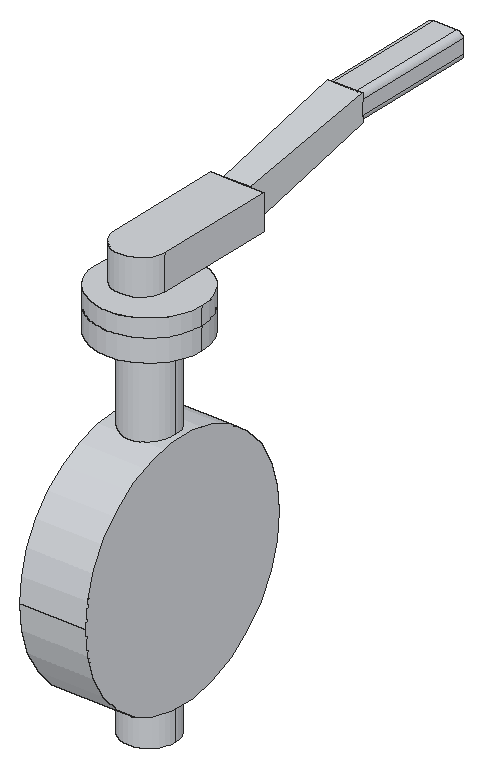
Revit family "HS497-67_disk-litina-s pákou DN150-RFA_2019", category Pipe Accessories, Revit 2019
Family settings
  Round Connector Dimension = Use Diameter
  Part Type = Valve - Breaks Into
  Work Plane-Based = No
  Always vertical = Yes
  Cut with Voids When Loaded = No
  Shared = No
Parameters (values of type "HS 497-67_DN150_PN16_s pákou")
  magiProductId = "4d2835523fe84828bc50ff0a5a0dfb"
  magiProductFamilyId = "53cea81e6f374d17b8841d9c72ad77"
  magiPartTypeId = 305
  isMeasuringValve [instance] = no
  ang2D [instance] = 0.00°
  X11 = 61.456 mm
  X1 = 25.456 mm
  W2D = 1000 mm
  VersionID = "2.0/2017.9.26.1/ZETKAMA_497_001"
  Use Minimum Symbol Size [instance] = yes
  URL = "http://www.hydronix.cz"
  Type Comments = "mezipřírubová; litinový disk; PN16; -10~+110°C (krátkodobě +120°C)"
  SW30 = no
  SW3 = no
  SW21 = no
  SW20 = yes
  SW2 = yes
  SW1 = no
  R = 75 mm
  QmdConnectorList = "301;D;302;D"
  Productdata [instance] = ""
  NC = 50 mm
  Model = ""
  Manufacturer = "Hydronix"  # constant formula
  MM20 = 25.456 mm
  MC Product Code = "120 150 (litinový disk, s pákou; DN150; PN16, kvs1347)"
  M41 = 66 mm
  M4 = 44 mm
  LHL = 315 mm
  LHH3 = 3.75 mm
  LHH1 = 71.25 mm
  LH1 = 105 mm
  L4R__ve = -L4R  # -12.8 mm
  L4R = 12.8 mm
  L42__ve = -L42  # -96 mm
  L42 = 96 mm
  L41__ve = -L41  # -19.2 mm
  L41 = 19.2 mm
  L2D_Min = 3048 mm
  L2D = 216 mm
  L2 = 28 mm
  L1 = 44.8 mm
  L = 56 mm
  H = 33 mm
  G22 = 11.25 mm
  G2 = 22.5 mm
  G1 = 90 mm
  G = 90 mm
  F = 14 mm
  E44 = 31.25 mm
  E42 = 62.5 mm
  E4 = 125 mm
  E23 = 7.5 mm
  E22 = 30 mm
  E21 = 15 mm
  Description = "Mezipřírubová uzavírací klapka s pákou; litinový disk, DN150; PN16; kvs1347"
  DR2 = 75 mm
  DR = 206 mm
  DD1 = 15.625 mm
  DD = 12.5 mm
  D = 150 mm
  CAT0 = yes
  B2__ve = -B2  # -58 mm
  B2 = 58 mm
  A2 = 19.3 mm
  A1 = 98.7 mm
Types (43, lengths in mm): name | magiProductId | X11 | X1 | Type Comments | SW30 | SW3 | SW20 | SW2 | SW1 | R | NC | MM20 | MC Product Code | M41 | M4 | LHL | LHH3 | LHH1 | LH1 | L4R__ve | L4R | L42__ve | L42 | L41__ve | L41 | L2 | L1 | L | H | G | F | E44 | E42 | E4 | E23 | E22 | E21 | Description | DR2 | DR | DD1 | DD | D | B2__ve | B2 | A2 | A1
  HS 497-67_DN100_PN16_volné vřeteno | "65d1b245f4f142c78569c0602d5754" | 61.456 | 25.456 | "mezipřírubová; litinový disk; PN16; -10~+110°C (krátkodobě +120°C)" | no | no | no | no | yes | 50 | 50 | 25.456 | "123 100 (litinový disk, s volným vřetenem; DN100; PN16, kvs512)" | 66 | 44 | 220 | 2.45 | 46.55 | 73.333 | -12.8 | 12.8 | -96 | 96 | -19.2 | 19.2 | 26 | 41.6 | 52 | 30 | 90 | 11 | 31.25 | 62.5 | 125 | 4.9 | 19.6 | 9.8 | "Mezipřírubová uzavírací klapka s volným vřetenem; litinový disk, DN100; PN16; kvs512" | 50 | 147 | 15.625 | 12.5 | 100 | -56 | 56 | 16.5 | 98.5
  HS 497-67_DN100_PN16_převodové kolo | "11e91b807e674d428c8e796fcdcfe2" | 61.456 | 25.456 | "mezipřírubová; litinový disk; PN16; -10~+110°C (krátkodobě +120°C)" | yes | yes | no | no | no | 50 | 50 | 25.456 | "125 100 (litinový disk, s převodovým kolem; DN100; PN16, kvs512)" | 65.25 | 43.5 | 220 | 2.45 | 46.55 | 73.333 | -12.8 | 12.8 | -96 | 96 | -19.2 | 19.2 | 26 | 41.6 | 52 | 30 | 90 | 11 | 31.25 | 62.5 | 125 | 4.9 | 19.6 | 9.8 | "Mezipřírubová uzavírací klapka s převodovým kolem; litinový disk, DN100; PN16; kvs512" | 50 | 147 | 15.625 | 12.5 | 100 | -56 | 56 | 16.5 | 98.5
  HS 497-67_DN100_PN16_s pákou | "28172f0b3f4b47b28323ac71cf8749" | 61.456 | 25.456 | "mezipřírubová; litinový disk; PN16; -10~+110°C (krátkodobě +120°C)" | no | no | yes | yes | no | 50 | 50 | 25.456 | "120 100 (litinový disk, s pákou; DN100; PN16, kvs512)" | 66 | 44 | 260 | 3 | 57 | 86.667 | -12.8 | 12.8 | -96 | 96 | -19.2 | 19.2 | 26 | 41.6 | 52 | 30 | 90 | 11 | 31.25 | 62.5 | 125 | 6 | 24 | 12 | "Mezipřírubová uzavírací klapka s pákou; litinový disk, DN100; PN16; kvs512" | 50 | 147 | 15.625 | 12.5 | 100 | -56 | 56 | 16.5 | 98.5
  HS 497-67_DN125_PN16_volné vřeteno | "0d813d910fc14f628bb3c2efbd185c" | 61.456 | 25.456 | "mezipřírubová; litinový disk; PN16; -10~+110°C (krátkodobě +120°C)" | no | no | no | no | yes | 62.5 | 50 | 25.456 | "123 125 (litinový disk, s volným vřetenem; DN125; PN16, kvs872)" | 66 | 44 | 220 | 2.45 | 46.55 | 73.333 | -12.8 | 12.8 | -96 | 96 | -19.2 | 19.2 | 28 | 44.8 | 56 | 33 | 90 | 14 | 31.25 | 62.5 | 125 | 4.9 | 19.6 | 9.8 | "Mezipřírubová uzavírací klapka s volným vřetenem; litinový disk, DN125; PN16; kvs872" | 62.5 | 180 | 15.625 | 12.5 | 125 | -64 | 64 | 18 | 99.5
  HS 497-67_DN125_PN16_převodové kolo | "c56b7c13f372467684996fb1e0e229" | 61.456 | 25.456 | "mezipřírubová; litinový disk; PN16; -10~+110°C (krátkodobě +120°C)" | yes | yes | no | no | no | 62.5 | 50 | 25.456 | "125 125 (litinový disk, s převodovým kolem; DN125; PN16, kvs872)" | 65.25 | 43.5 | 220 | 2.45 | 46.55 | 73.333 | -13.5 | 13.5 | -101.25 | 101.25 | -20.25 | 20.25 | 28 | 44.8 | 56 | 33 | 90 | 14 | 40 | 80 | 160 | 4.9 | 19.6 | 9.8 | "Mezipřírubová uzavírací klapka s převodovým kolem; litinový disk, DN125; PN16; kvs872" | 62.5 | 180 | 20 | 16 | 125 | -64 | 64 | 18 | 99.5
  HS 497-67_DN125_PN16_s pákou | "105993c79a91492399feef7931321a" | 61.456 | 25.456 | "mezipřírubová; litinový disk; PN16; -10~+110°C (krátkodobě +120°C)" | no | no | yes | yes | no | 62.5 | 50 | 25.456 | "120 125 (litinový disk, s pákou; DN125; PN16, kvs872)" | 66 | 44 | 315 | 3.75 | 71.25 | 105 | -12.8 | 12.8 | -96 | 96 | -19.2 | 19.2 | 28 | 44.8 | 56 | 33 | 90 | 14 | 31.25 | 62.5 | 125 | 7.5 | 30 | 15 | "Mezipřírubová uzavírací klapka s pákou; litinový disk, DN125; PN16; kvs872" | 62.5 | 180 | 15.625 | 12.5 | 125 | -64 | 64 | 18 | 99.5
  HS 497-67_DN150_PN16_volné vřeteno | "50c80cb8ab434f55ab7796e5ac1331" | 61.456 | 25.456 | "mezipřírubová; litinový disk; PN16; -10~+110°C (krátkodobě +120°C)" | no | no | no | no | yes | 75 | 50 | 25.456 | "123 150 (litinový disk, s volným vřetenem; DN150; PN16, kvs1347)" | 66 | 44 | 220 | 2.45 | 46.55 | 73.333 | -12.8 | 12.8 | -96 | 96 | -19.2 | 19.2 | 28 | 44.8 | 56 | 33 | 90 | 14 | 31.25 | 62.5 | 125 | 4.9 | 19.6 | 9.8 | "Mezipřírubová uzavírací klapka s volným vřetenem; litinový disk, DN150; PN16; kvs1347" | 75 | 206 | 15.625 | 12.5 | 150 | -58 | 58 | 19.3 | 98.7
  HS 497-67_DN150_PN16_převodové kolo | "d94a1a0cf83b476eb10011b327f709" | 61.456 | 25.456 | "mezipřírubová; litinový disk; PN16; -10~+110°C (krátkodobě +120°C)" | yes | yes | no | no | no | 75 | 50 | 25.456 | "125 150 (litinový disk, s převodovým kolem; DN150; PN16, kvs1347)" | 65.25 | 43.5 | 220 | 2.45 | 46.55 | 73.333 | -13.5 | 13.5 | -101.25 | 101.25 | -20.25 | 20.25 | 28 | 44.8 | 56 | 33 | 90 | 14 | 40 | 80 | 160 | 4.9 | 19.6 | 9.8 | "Mezipřírubová uzavírací klapka s převodovým kolem; litinový disk, DN150; PN16; kvs1347" | 75 | 206 | 20 | 16 | 150 | -58 | 58 | 19.3 | 98.7
  HS 497-67_DN150_PN16_s pákou | "4d2835523fe84828bc50ff0a5a0dfb" | 61.456 | 25.456 | "mezipřírubová; litinový disk; PN16; -10~+110°C (krátkodobě +120°C)" | no | no | yes | yes | no | 75 | 50 | 25.456 | "120 150 (litinový disk, s pákou; DN150; PN16, kvs1347)" | 66 | 44 | 315 | 3.75 | 71.25 | 105 | -12.8 | 12.8 | -96 | 96 | -19.2 | 19.2 | 28 | 44.8 | 56 | 33 | 90 | 14 | 31.25 | 62.5 | 125 | 7.5 | 30 | 15 | "Mezipřírubová uzavírací klapka s pákou; litinový disk, DN150; PN16; kvs1347" | 75 | 206 | 15.625 | 12.5 | 150 | -58 | 58 | 19.3 | 98.7
  HS 497-67_DN200_PN16_volné vřeteno | "5b29029eaeba47139ee1055a4b9201" | 61.456 | 25.456 | "mezipřírubová; litinový disk; PN16; -10~+110°C (krátkodobě +120°C)" | no | no | no | no | yes | 100 | 50 | 25.456 | "123 200 (litinový disk, s volným vřetenem; DN200; PN16, kvs2675)" | 66 | 44 | 220 | 2.45 | 46.55 | 73.333 | -12.8 | 12.8 | -96 | 96 | -19.2 | 19.2 | 30 | 48 | 60 | 33 | 90 | 17 | 31.25 | 62.5 | 125 | 4.9 | 19.6 | 9.8 | "Mezipřírubová uzavírací klapka s volným vřetenem; litinový disk, DN200; PN16; kvs2675" | 100 | 257 | 15.625 | 12.5 | 200 | -70 | 70 | 22.5 | 102.5
  HS 497-67_DN200_PN16_převodové kolo | "b2793cc1fcc44cf2a35062cd67c04f" | 61.456 | 25.456 | "mezipřírubová; litinový disk; PN16; -10~+110°C (krátkodobě +120°C)" | yes | yes | no | no | no | 100 | 57 | 25.456 | "125 200 (litinový disk, s převodovým kolem; DN200; PN16, kvs2675)" | 78.75 | 52.5 | 220 | 2.45 | 46.55 | 73.333 | -15.2 | 15.2 | -114 | 114 | -22.8 | 22.8 | 30 | 48 | 60 | 33 | 90 | 17 | 50 | 100 | 200 | 4.9 | 19.6 | 9.8 | "Mezipřírubová uzavírací klapka s převodovým kolem; litinový disk, DN200; PN16; kvs2675" | 100 | 257 | 25 | 20 | 200 | -70 | 70 | 22.5 | 102.5
  HS 497-67_DN200_PN16_s pákou | "f88d96c7af224537a51e72d7d8fffe" | 61.456 | 25.456 | "mezipřírubová; litinový disk; PN16; -10~+110°C (krátkodobě +120°C)" | no | no | yes | yes | no | 100 | 50 | 25.456 | "120 200 (litinový disk, s pákou; DN200; PN16, kvs2675)" | 66 | 44 | 315 | 3.75 | 71.25 | 105 | -12.8 | 12.8 | -96 | 96 | -19.2 | 19.2 | 30 | 48 | 60 | 33 | 90 | 17 | 31.25 | 62.5 | 125 | 7.5 | 30 | 15 | "Mezipřírubová uzavírací klapka s pákou; litinový disk, DN200; PN16; kvs2675" | 100 | 257 | 15.625 | 12.5 | 200 | -70 | 70 | 22.5 | 102.5
  HS 497-67_DN250_PN16_volné vřeteno | "b662e8305ca2402b9c510e66e6aa55" | 88.77 | 36.77 | "mezipřírubová; litinový disk; PN16; -10~+110°C (krátkodobě +120°C)" | no | no | no | no | yes | 125 | 50 | 36.77 | "123 250 (litinový disk, s volným vřetenem; DN250; PN16, kvs4555)" | 66 | 44 | 220 | 2.45 | 46.55 | 73.333 | -12.8 | 12.8 | -96 | 96 | -19.2 | 19.2 | 34 | 54.4 | 68 | 23 | 130 | 22 | 31.25 | 62.5 | 125 | 4.9 | 19.6 | 9.8 | "Mezipřírubová uzavírací klapka s volným vřetenem; litinový disk, DN250; PN16; kvs4555" | 125 | 324 | 15.625 | 12.5 | 250 | -85 | 85 | 28.25 | 129.25
  HS 497-67_DN250_PN16_převodové kolo | "5ee9016806664ddfaa2632711f295c" | 88.77 | 36.77 | "mezipřírubová; litinový disk; PN16; -10~+110°C (krátkodobě +120°C)" | yes | yes | no | no | no | 125 | 70 | 36.77 | "125 250 (litinový disk, s převodovým kolem; DN250; PN16, kvs4555)" | 91.5 | 61 | 220 | 2.45 | 46.55 | 73.333 | -22.2 | 22.2 | -166.5 | 166.5 | -33.3 | 33.3 | 34 | 54.4 | 68 | 23 | 130 | 22 | 62.5 | 125 | 250 | 4.9 | 19.6 | 9.8 | "Mezipřírubová uzavírací klapka s převodovým kolem; litinový disk, DN250; PN16; kvs4555" | 125 | 324 | 31.25 | 25 | 250 | -85 | 85 | 28.25 | 129.25
  HS 497-67_DN300_PN16_volné vřeteno | "e1886f51ff004380a649519258edf2" | 88.77 | 36.77 | "mezipřírubová; litinový disk; PN16; -10~+110°C (krátkodobě +120°C)" | no | no | no | no | yes | 150 | 50 | 36.77 | "123 300 (litinový disk, s volným vřetenem; DN300; PN16, kvs7037)" | 66 | 44 | 220 | 2.45 | 46.55 | 73.333 | -12.8 | 12.8 | -96 | 96 | -19.2 | 19.2 | 39 | 62.4 | 78 | 23 | 130 | 22 | 31.25 | 62.5 | 125 | 4.9 | 19.6 | 9.8 | "Mezipřírubová uzavírací klapka s volným vřetenem; litinový disk, DN300; PN16; kvs7037" | 150 | 376 | 15.625 | 12.5 | 300 | -90 | 90 | 30.8 | 127.2
  HS 497-67_DN300_PN16_převodové kolo | "6860f094f77d42088fbebc3c97f755" | 88.77 | 36.77 | "mezipřírubová; litinový disk; PN16; -10~+110°C (krátkodobě +120°C)" | yes | yes | no | no | no | 150 | 70 | 36.77 | "125 300 (litinový disk, s převodovým kolem; DN300; PN16, kvs7037)" | 91.5 | 61 | 220 | 2.45 | 46.55 | 73.333 | -22.2 | 22.2 | -166.5 | 166.5 | -33.3 | 33.3 | 39 | 62.4 | 78 | 23 | 130 | 22 | 62.5 | 125 | 250 | 4.9 | 19.6 | 9.8 | "Mezipřírubová uzavírací klapka s převodovým kolem; litinový disk, DN300; PN16; kvs7037" | 150 | 376 | 31.25 | 25 | 300 | -90 | 90 | 30.8 | 127.2
  HS 497-67_DN032_PN16_volné vřeteno | "8c5f65de52aa4067a77564107e31b2" | 61.456 | 25.456 | "mezipřírubová; litinový disk; PN16; -10~+110°C (krátkodobě +120°C)" | no | no | no | no | yes | 16 | 50 | 25.456 | "123 032 (litinový disk, s volným vřetenem; DN32; PN16, kvs78)" | 66 | 44 | 220 | 2.45 | 46.55 | 73.333 | -12.8 | 12.8 | -96 | 96 | -19.2 | 19.2 | 16.5 | 26.4 | 33 | 30 | 90 | 11 | 31.25 | 62.5 | 125 | 4.9 | 19.6 | 9.8 | "Mezipřírubová uzavírací klapka s volným vřetenem; litinový disk, DN32; PN16; kvs78" | 16 | 68 | 15.625 | 12.5 | 32 | -44.2 | 44.2 | 10.25 | 76.25
  HS 497-67_DN032_PN16_převodové kolo | "60aaeffa8b3a4e809ef000e4660060" | 61.456 | 25.456 | "mezipřírubová; litinový disk; PN16; -10~+110°C (krátkodobě +120°C)" | yes | yes | no | no | no | 16 | 50 | 25.456 | "125 032 (litinový disk, s převodovým kolem; DN32; PN16, kvs78)" | 65.25 | 43.5 | 220 | 2.45 | 46.55 | 73.333 | -12.8 | 12.8 | -96 | 96 | -19.2 | 19.2 | 16.5 | 26.4 | 33 | 30 | 90 | 11 | 31.25 | 62.5 | 125 | 4.9 | 19.6 | 9.8 | "Mezipřírubová uzavírací klapka s převodovým kolem; litinový disk, DN32; PN16; kvs78" | 16 | 68 | 15.625 | 12.5 | 32 | -44.2 | 44.2 | 10.25 | 76.25
  HS 497-67_DN032_PN16_s pákou | "9ad8088d610749a1b871aa2aad8007" | 61.456 | 25.456 | "mezipřírubová; litinový disk; PN16; -10~+110°C (krátkodobě +120°C)" | no | no | yes | yes | no | 16 | 50 | 25.456 | "120 032 (litinový disk, s pákou; DN32; PN16, kvs78)" | 66 | 44 | 220 | 2.45 | 46.55 | 73.333 | -12.8 | 12.8 | -96 | 96 | -19.2 | 19.2 | 16.5 | 26.4 | 33 | 30 | 90 | 11 | 31.25 | 62.5 | 125 | 4.9 | 19.6 | 9.8 | "Mezipřírubová uzavírací klapka s pákou; litinový disk, DN32; PN16; kvs78" | 16 | 68 | 15.625 | 12.5 | 32 | -44.2 | 44.2 | 10.25 | 76.25
  HS 497-67_DN350_PN10_volné vřeteno | "72a1e05f22944421b7e9596a877137" | 109.255 | 45.255 | "mezipřírubová; litinový disk; PN10; -10~+110°C (krátkodobě +120°C)" | no | no | no | no | yes | 175 | 50 | 45.255 | "123 350 (litinový disk, s volným vřetenem; DN350; PN10, kvs10165)" | 66 | 44 | 220 | 2.45 | 46.55 | 73.333 | -12.8 | 12.8 | -96 | 96 | -19.2 | 19.2 | 39 | 62.4 | 78 | 31 | 160 | 22 | 31.25 | 62.5 | 125 | 4.9 | 19.6 | 9.8 | "Mezipřírubová uzavírací klapka s volným vřetenem; litinový disk, DN350; PN10; kvs10165" | 175 | 430 | 15.625 | 12.5 | 350 | -88 | 88 | 33.85 | 129.65
  HS 497-67_DN350_PN10_převodové kolo | "a5a01426cb28494ba3afca92f1dace" | 109.255 | 45.255 | "mezipřírubová; litinový disk; PN10; -10~+110°C (krátkodobě +120°C)" | yes | yes | no | no | no | 175 | 70 | 45.255 | "125 350 (litinový disk, s převodovým kolem; DN350; PN10, kvs10165)" | 91.5 | 61 | 220 | 2.45 | 46.55 | 73.333 | -22.2 | 22.2 | -166.5 | 166.5 | -33.3 | 33.3 | 39 | 62.4 | 78 | 31 | 160 | 22 | 62.5 | 125 | 250 | 4.9 | 19.6 | 9.8 | "Mezipřírubová uzavírací klapka s převodovým kolem; litinový disk, DN350; PN10; kvs10165" | 175 | 430 | 31.25 | 25 | 350 | -88 | 88 | 33.85 | 129.65
  HS 497-67_DN400_PN10_volné vřeteno | "c70ebeb927c04ab99b176e257ad0a7" | 109.255 | 45.255 | "mezipřírubová; litinový disk; PN10; -10~+110°C (krátkodobě +120°C)" | no | no | no | no | yes | 200 | 50 | 45.255 | "123 400 (litinový disk, s volným vřetenem; DN400; PN10, kvs13799)" | 66 | 44 | 220 | 2.45 | 46.55 | 73.333 | -12.8 | 12.8 | -96 | 96 | -19.2 | 19.2 | 51 | 81.6 | 102 | 31 | 160 | 27 | 31.25 | 62.5 | 125 | 4.9 | 19.6 | 9.8 | "Mezipřírubová uzavírací klapka s volným vřetenem; litinový disk, DN400; PN10; kvs13799" | 200 | 485 | 15.625 | 12.5 | 400 | -108 | 108 | 38 | 142
  HS 497-67_DN400_PN10_převodové kolo | "cc64a4384dcb41b780d81810f4f293" | 109.255 | 45.255 | "mezipřírubová; litinový disk; PN10; -10~+110°C (krátkodobě +120°C)" | yes | yes | no | no | no | 200 | 72.5 | 45.255 | "125 400 (litinový disk, s převodovým kolem; DN400; PN10, kvs13799)" | 103.5 | 69 | 220 | 2.45 | 46.55 | 73.333 | -27.8 | 27.8 | -208.5 | 208.5 | -41.7 | 41.7 | 51 | 81.6 | 102 | 31 | 160 | 27 | 75 | 150 | 300 | 4.9 | 19.6 | 9.8 | "Mezipřírubová uzavírací klapka s převodovým kolem; litinový disk, DN400; PN10; kvs13799" | 200 | 485 | 37.5 | 30 | 400 | -108 | 108 | 38 | 142
  HS 497-67_DN040_PN16_volné vřeteno | "35f92312390745e88df5b5c325d9ee" | 61.456 | 25.456 | "mezipřírubová; litinový disk; PN16; -10~+110°C (krátkodobě +120°C)" | no | no | no | no | yes | 20 | 50 | 25.456 | "123 040 (litinový disk, s volným vřetenem; DN40; PN16, kvs78)" | 66 | 44 | 220 | 2.45 | 46.55 | 73.333 | -12.8 | 12.8 | -96 | 96 | -19.2 | 19.2 | 16.5 | 26.4 | 33 | 30 | 90 | 11 | 31.25 | 62.5 | 125 | 4.9 | 19.6 | 9.8 | "Mezipřírubová uzavírací klapka s volným vřetenem; litinový disk, DN40; PN16; kvs78" | 20 | 76 | 15.625 | 12.5 | 40 | -36 | 36 | 11 | 79
  HS 497-67_DN040_PN16_převodové kolo | "d88e968eae3445bc9b7b4e6ff35127" | 61.456 | 25.456 | "mezipřírubová; litinový disk; PN16; -10~+110°C (krátkodobě +120°C)" | yes | yes | no | no | no | 20 | 50 | 25.456 | "125 040 (litinový disk, s převodovým kolem; DN40; PN16, kvs78)" | 65.25 | 43.5 | 220 | 2.45 | 46.55 | 73.333 | -12.8 | 12.8 | -96 | 96 | -19.2 | 19.2 | 16.5 | 26.4 | 33 | 30 | 90 | 11 | 31.25 | 62.5 | 125 | 4.9 | 19.6 | 9.8 | "Mezipřírubová uzavírací klapka s převodovým kolem; litinový disk, DN40; PN16; kvs78" | 20 | 76 | 15.625 | 12.5 | 40 | -36 | 36 | 11 | 79
  HS 497-67_DN040_PN16_s pákou | "c1b522ca65b4407a98818f232eaacb" | 61.456 | 25.456 | "mezipřírubová; litinový disk; PN16; -10~+110°C (krátkodobě +120°C)" | no | no | yes | yes | no | 20 | 50 | 25.456 | "120 040 (litinový disk, s pákou; DN40; PN16, kvs78)" | 66 | 44 | 220 | 2.45 | 46.55 | 73.333 | -12.8 | 12.8 | -96 | 96 | -19.2 | 19.2 | 16.5 | 26.4 | 33 | 30 | 90 | 11 | 31.25 | 62.5 | 125 | 4.9 | 19.6 | 9.8 | "Mezipřírubová uzavírací klapka s pákou; litinový disk, DN40; PN16; kvs78" | 20 | 76 | 15.625 | 12.5 | 40 | -36 | 36 | 11 | 79
  HS 497-67_DN450_PN10_volné vřeteno | "a8358bc282f14872b3194e530e590a" | 129.74 | 53.74 | "mezipřírubová; litinový disk; PN10; -10~+110°C (krátkodobě +120°C)" | no | no | no | no | yes | 225 | 50 | 53.74 | "123 450 (litinový disk, s volným vřetenem; DN450; PN10, kvs18514)" | 66 | 44 | 220 | 2.45 | 46.55 | 73.333 | -12.8 | 12.8 | -96 | 96 | -19.2 | 19.2 | 57 | 91.2 | 114 | 38 | 190 | 36 | 31.25 | 62.5 | 125 | 4.9 | 19.6 | 9.8 | "Mezipřírubová uzavírací klapka s volným vřetenem; litinový disk, DN450; PN10; kvs18514" | 225 | 536 | 15.625 | 12.5 | 450 | -115 | 115 | 38.05 | 117.45
  HS 497-67_DN450_PN10_převodové kolo | "cdf2d80f54a9414f9cbe50647c0ebd" | 129.74 | 53.74 | "mezipřírubová; litinový disk; PN10; -10~+110°C (krátkodobě +120°C)" | yes | yes | no | no | no | 225 | 91.5 | 53.74 | "125 450 (litinový disk, s převodovým kolem; DN450; PN10, kvs18514)" | 144.75 | 96.5 | 220 | 2.45 | 46.55 | 73.333 | -32.1 | 32.1 | -240.75 | 240.75 | -48.15 | 48.15 | 57 | 91.2 | 114 | 38 | 190 | 36 | 100 | 200 | 400 | 4.9 | 19.6 | 9.8 | "Mezipřírubová uzavírací klapka s převodovým kolem; litinový disk, DN450; PN10; kvs18514" | 225 | 536 | 50 | 40 | 450 | -115 | 115 | 38.05 | 117.45
  HS 497-67_DN500_PN10_volné vřeteno | "8c396e27bb2743f98f3c762b6517cd" | 143.397 | 59.397 | "mezipřírubová; litinový disk; PN10; -10~+110°C (krátkodobě +120°C)" | no | no | no | no | yes | 250 | 50 | 59.397 | "123 500 (litinový disk, s volným vřetenem; DN500; PN10, kvs23805)" | 66 | 44 | 220 | 2.45 | 46.55 | 73.333 | -12.8 | 12.8 | -96 | 96 | -19.2 | 19.2 | 63.5 | 101.6 | 127 | 38 | 210 | 36 | 31.25 | 62.5 | 125 | 4.9 | 19.6 | 9.8 | "Mezipřírubová uzavírací klapka s volným vřetenem; litinový disk, DN500; PN10; kvs23805" | 250 | 593 | 15.625 | 12.5 | 500 | -130 | 130 | 43.25 | 139.25
  HS 497-67_DN500_PN10_převodové kolo | "7647804f32e94cef828a7034a91a46" | 143.397 | 59.397 | "mezipřírubová; litinový disk; PN10; -10~+110°C (krátkodobě +120°C)" | yes | yes | no | no | no | 250 | 91.5 | 59.397 | "125 500 (litinový disk, s převodovým kolem; DN500; PN10, kvs23805)" | 144.75 | 96.5 | 220 | 2.45 | 46.55 | 73.333 | -32.1 | 32.1 | -240.75 | 240.75 | -48.15 | 48.15 | 63.5 | 101.6 | 127 | 38 | 210 | 36 | 100 | 200 | 400 | 4.9 | 19.6 | 9.8 | "Mezipřírubová uzavírací klapka s převodovým kolem; litinový disk, DN500; PN10; kvs23805" | 250 | 593 | 50 | 40 | 500 | -130 | 130 | 43.25 | 139.25
  HS 497-67_DN050_PN16_volné vřeteno | "d71f296ecd6d4adf8f6e5d9853b4e0" | 61.456 | 25.456 | "mezipřírubová; litinový disk; PN16; -10~+110°C (krátkodobě +120°C)" | no | no | no | no | yes | 25 | 50 | 25.456 | "123 050 (litinový disk, s volným vřetenem; DN50; PN16, kvs98)" | 66 | 44 | 220 | 2.45 | 46.55 | 73.333 | -12.8 | 12.8 | -96 | 96 | -19.2 | 19.2 | 21.5 | 34.4 | 43 | 30 | 90 | 11 | 31.25 | 62.5 | 125 | 4.9 | 19.6 | 9.8 | "Mezipřírubová uzavírací klapka s volným vřetenem; litinový disk, DN50; PN16; kvs98" | 25 | 100 | 15.625 | 12.5 | 50 | -36.5 | 36.5 | 12 | 83
  HS 497-67_DN050_PN16_převodové kolo | "2fb080deeaed49c58418b94c1da5a4" | 61.456 | 25.456 | "mezipřírubová; litinový disk; PN16; -10~+110°C (krátkodobě +120°C)" | yes | yes | no | no | no | 25 | 50 | 25.456 | "125 050 (litinový disk, s převodovým kolem; DN50; PN16, kvs98)" | 65.25 | 43.5 | 220 | 2.45 | 46.55 | 73.333 | -12.8 | 12.8 | -96 | 96 | -19.2 | 19.2 | 21.5 | 34.4 | 43 | 30 | 90 | 11 | 31.25 | 62.5 | 125 | 4.9 | 19.6 | 9.8 | "Mezipřírubová uzavírací klapka s převodovým kolem; litinový disk, DN50; PN16; kvs98" | 25 | 100 | 15.625 | 12.5 | 50 | -36.5 | 36.5 | 12 | 83
  HS 497-67_DN050_PN16_s pákou | "dabc632061f94877a994b9b4e68112" | 61.456 | 25.456 | "mezipřírubová; litinový disk; PN16; -10~+110°C (krátkodobě +120°C)" | no | no | yes | yes | no | 25 | 50 | 25.456 | "120 050 (litinový disk, s pákou; DN50; PN16, kvs98)" | 66 | 44 | 220 | 2.45 | 46.55 | 73.333 | -12.8 | 12.8 | -96 | 96 | -19.2 | 19.2 | 21.5 | 34.4 | 43 | 30 | 90 | 11 | 31.25 | 62.5 | 125 | 4.9 | 19.6 | 9.8 | "Mezipřírubová uzavírací klapka s pákou; litinový disk, DN50; PN16; kvs98" | 25 | 100 | 15.625 | 12.5 | 50 | -36.5 | 36.5 | 12 | 83
  HS 497-67_DN600_PN10_volné vřeteno | "99d5892c14664fce81a7c5903f7711" | 143.397 | 59.397 | "mezipřírubová; litinový disk; PN10; -10~+110°C (krátkodobě +120°C)" | no | no | no | no | yes | 300 | 50 | 59.397 | "123 600 (litinový disk, s volným vřetenem; DN600; PN10, kvs36778)" | 66 | 44 | 220 | 2.45 | 46.55 | 73.333 | -12.8 | 12.8 | -96 | 96 | -19.2 | 19.2 | 77 | 123.2 | 154 | 80 | 210 | 60 | 31.25 | 62.5 | 125 | 4.9 | 19.6 | 9.8 | "Mezipřírubová uzavírací klapka s volným vřetenem; litinový disk, DN600; PN10; kvs36788" | 300 | 690 | 15.625 | 12.5 | 600 | -140 | 140 | 49.4 | 144.6
  HS 497-67_DN600_PN10_převodové kolo | "b1e26faab48a4c499f6bb11e7e3002" | 143.397 | 59.397 | "mezipřírubová; litinový disk; PN10; -10~+110°C (krátkodobě +120°C)" | yes | yes | no | no | no | 300 | 140 | 59.397 | "125 600 (litinový disk, s převodovým kolem; DN600; PN10, kvs36778)" | 206.25 | 137.5 | 220 | 2.45 | 46.55 | 73.333 | -40.8 | 40.8 | -306 | 306 | -61.2 | 61.2 | 77 | 123.2 | 154 | 80 | 210 | 60 | 125 | 250 | 500 | 4.9 | 19.6 | 9.8 | "Mezipřírubová uzavírací klapka s převodovým kolem; litinový disk, DN600; PN10; kvs36788" | 300 | 690 | 62.5 | 50 | 600 | -140 | 140 | 49.4 | 144.6
  HS 497-67_DN065_PN16_volné vřeteno | "5e5e208646e34ec29f889baab5d08e" | 61.456 | 25.456 | "mezipřírubová; litinový disk; PN16; -10~+110°C (krátkodobě +120°C)" | no | no | no | no | yes | 32.5 | 50 | 25.456 | "123 065 (litinový disk, s volným vřetenem; DN65; PN16, kvs167)" | 66 | 44 | 220 | 2.45 | 46.55 | 73.333 | -12.8 | 12.8 | -96 | 96 | -19.2 | 19.2 | 23 | 36.8 | 46 | 30 | 90 | 11 | 31.25 | 62.5 | 125 | 4.9 | 19.6 | 9.8 | "Mezipřírubová uzavírací klapka s volným vřetenem; litinový disk, DN65; PN16; kv167" | 32.5 | 108 | 15.625 | 12.5 | 65 | -36.5 | 36.5 | 13.5 | 89
  HS 497-67_DN065_PN16_převodové kolo | "654d74c8d15540b0bfe523d988ccb3" | 61.456 | 25.456 | "mezipřírubová; litinový disk; PN16; -10~+110°C (krátkodobě +120°C)" | yes | yes | no | no | no | 32.5 | 50 | 25.456 | "125 065 (litinový disk, s převodovým kolem; DN65; PN16, kvs167)" | 65.25 | 43.5 | 220 | 2.45 | 46.55 | 73.333 | -12.8 | 12.8 | -96 | 96 | -19.2 | 19.2 | 23 | 36.8 | 46 | 30 | 90 | 11 | 31.25 | 62.5 | 125 | 4.9 | 19.6 | 9.8 | "Mezipřírubová uzavírací klapka s převodovým kolem; litinový disk, DN65; PN16; kvs167" | 32.5 | 108 | 15.625 | 12.5 | 65 | -36.5 | 36.5 | 13.5 | 89
  HS 497-67_DN065_PN16_s pákou | "ebeb4b59db0641caaf6d6635ab37b9" | 61.456 | 25.456 | "mezipřírubová; litinový disk; PN16; -10~+110°C (krátkodobě +120°C)" | no | no | yes | yes | no | 32.5 | 50 | 25.456 | "120 065 (litinový disk, s pákou; DN65; PN16, kvs167)" | 66 | 44 | 220 | 2.45 | 46.55 | 73.333 | -12.8 | 12.8 | -96 | 96 | -19.2 | 19.2 | 23 | 36.8 | 46 | 30 | 90 | 11 | 31.25 | 62.5 | 125 | 4.9 | 19.6 | 9.8 | "Mezipřírubová uzavírací klapka s pákou; litinový disk, DN65; PN16; kvs167" | 32.5 | 108 | 15.625 | 12.5 | 65 | -36.5 | 36.5 | 13.5 | 89
  HS 497-67_DN080_PN16_volné vřeteno | "9e85c75c18654e1185a9c48ed6b00e" | 61.456 | 25.456 | "mezipřírubová; litinový disk; PN16; -10~+110°C (krátkodobě +120°C)" | no | no | no | no | yes | 40 | 50 | 25.456 | "123 080 (litinový disk, s volným vřetenem; DN80; PN16, kvs258)" | 66 | 44 | 220 | 2.45 | 46.55 | 73.333 | -12.8 | 12.8 | -96 | 96 | -19.2 | 19.2 | 23 | 36.8 | 46 | 30 | 90 | 11 | 31.25 | 62.5 | 125 | 4.9 | 19.6 | 9.8 | "Mezipřírubová uzavírací klapka s volným vřetenem; litinový disk, DN80; PN16; kvs258" | 40 | 124 | 15.625 | 12.5 | 80 | -54 | 54 | 14.1 | 86.9
  HS 497-67_DN080_PN16_převodové kolo | "5b3c8238c3d041e68c75b199e7ea46" | 61.456 | 25.456 | "mezipřírubová; litinový disk; PN16; -10~+110°C (krátkodobě +120°C)" | yes | yes | no | no | no | 40 | 50 | 25.456 | "125 080 (litinový disk, s převodovým kolem; DN80; PN16, kvs258)" | 65.25 | 43.5 | 220 | 2.45 | 46.55 | 73.333 | -12.8 | 12.8 | -96 | 96 | -19.2 | 19.2 | 23 | 36.8 | 46 | 30 | 90 | 11 | 31.25 | 62.5 | 125 | 4.9 | 19.6 | 9.8 | "Mezipřírubová uzavírací klapka s převodovým kolem; litinový disk, DN80; PN16; kvs258" | 40 | 124 | 15.625 | 12.5 | 80 | -54 | 54 | 14.1 | 86.9
  HS 497-67_DN080_PN16_s pákou | "e414795fab0f4eccb99bc3572c5477" | 61.456 | 25.456 | "mezipřírubová; litinový disk; PN16; -10~+110°C (krátkodobě +120°C)" | no | no | yes | yes | no | 40 | 50 | 25.456 | "120 080 (litinový disk, s pákou; DN80; PN16, kvs258)" | 66 | 44 | 260 | 3 | 57 | 86.667 | -12.8 | 12.8 | -96 | 96 | -19.2 | 19.2 | 23 | 36.8 | 46 | 30 | 90 | 11 | 31.25 | 62.5 | 125 | 6 | 24 | 12 | "Mezipřírubová uzavírací klapka s pákou; litinový disk, DN80; PN16; kvs258" | 40 | 124 | 15.625 | 12.5 | 80 | -54 | 54 | 14.1 | 86.9
  HS 497-67_DN250_PN16_s pákou | "" | 88.77 | 36.77 | "mezipřírubová; litinový disk; PN16; -10~+110°C (krátkodobě +120°C)" | no | no | yes | yes | no | 125 | 70 | 36.77 | "120 250 (litinový disk, s pákou; DN250; PN16, kvs4555)" | 91.5 | 61 | 220 | 2.45 | 46.55 | 73.333 | -22.2 | 22.2 | -166.5 | 166.5 | -33.3 | 33.3 | 34 | 54.4 | 68 | 23 | 130 | 22 | 62.5 | 125 | 250 | 4.9 | 19.6 | 9.8 | "Mezipřírubová uzavírací klapka s pákou; litinový disk, DN250; PN16; kvs4555" | 125 | 324 | 31.25 | 25 | 250 | -85 | 85 | 28.25 | 129.25
  HS 497-67_DN300_PN16_s pákou | "" | 88.77 | 36.77 | "mezipřírubová; litinový disk; PN16; -10~+110°C (krátkodobě +120°C)" | no | no | yes | yes | no | 150 | 70 | 36.77 | "120 300 (litinový disk, s pákou; DN300; PN16, kvs7037)" | 91.5 | 61 | 220 | 2.45 | 46.55 | 73.333 | -22.2 | 22.2 | -166.5 | 166.5 | -33.3 | 33.3 | 39 | 62.4 | 78 | 23 | 130 | 22 | 62.5 | 125 | 250 | 4.9 | 19.6 | 9.8 | "Mezipřírubová uzavírací klapka s pákou; litinový disk, DN300; PN16; kvs7037" | 150 | 376 | 31.25 | 25 | 300 | -90 | 90 | 30.8 | 127.2
Reference planes
  plane 1 "Center (Front/Back)": y = 0
  plane 2 "XYPLANE": z = 0
  plane 3 "Center (Left/Right)": x = 0
  plane 4 "473": x = -25.456
  plane 5 "472": x = -66
  plane 6 "471": y = -25.456
  plane 7 "470": y = 25.456
  plane 8 "469": x = -44
  plane 9 "468": y = -115.2
  plane 10 "467": y = -96
  plane 11 "466": z = 224.25
  plane 12 "465": z = 264.25
  plane 13 "464": y = 208.75
  plane 14 "463": z = 249.25
  plane 15 "462": z = 223
  plane 16 "461": z = 238
  plane 17 "460": y = 103.75
  plane 18 "459": x = -11.25
  plane 19 "458": x = 11.25
  plane 20 "457": y = -6.25
  plane 21 "456": x = -17.5
  plane 22 "455": x = 17.5
  plane 23 "454": z = 245.5
  plane 24 "453": y = 93.75
  plane 25 "452": y = -11.25
  plane 26 "451": x = -22.5
  plane 27 "450": x = 22.5
  plane 28 "449": z = 215.5
  plane 29 "448": z = 208
  plane 30 "447": z = -75
  plane 31 "446": z = 193
  plane 32 "445": z = 173.7
  plane 33 "444": z = 75
  plane 34 "443": x = 28
  plane 35 "442": x = -28
  plane 36 "441": z = 0
  plane 37 "440": y = 0
  plane 38 "439": x = 0
  plane 39 "438": z = 268
  plane 40 "437": z = 245.5
  plane 41 "436": x = 15
  plane 42 "435": x = -15
  plane 43 "434": y = 315
Forms (mm)
  Extrusion 1, solid, visible <- "SW3"
    sketch origin (-750, 0, 193) x (1, 0, 0) y (0, 1, 0)
      loop
        line (684, 25.456) -> (684, -25.456) -> (724.544, -25.456)
        arc (724.544, -25.456) -> (786, 0) -> (724.544, 25.456) r 36
        line (724.544, 25.456) -> (684, 25.456)
    from 0 to 62.5 <- "E42"
  Extrusion 2, solid, visible <- "SW30"
    sketch origin (0, -750, 0) x (0, 1, 0) y (0, 0, 1)
      loop
        circle (750, 224.25) r 7.813
    from 0 to 50 <- "NC"
  Extrusion 3, solid, visible <- "SW30"
    sketch origin (750, -115.2, 0) x (-1, 0, 0) y (0, 0, 1)
      loop
        circle (794, 224.25) r 62.5
    from 0 to -12.8 <- "L4R__ve"
  Extrusion 4, solid, visible <- "SW3"
    sketch origin (750, -96, 0) x (-1, 0, 0) y (0, 0, 1)
      loop
        circle (794, 224.25) r 7.813
    from 0 to -19.2 <- "L41__ve"
  Extrusion 5, solid, visible <- "SW30"
    sketch origin (750, 0, 0) x (-1, 0, 0) y (0, 0, 1)
      loop
        circle (794, 224.25) r 6.25
    from 0 to -96 <- "L42__ve"
  Blend 6, solid, visible <- "SW21"
    base sketch origin (750, 103.75, 0) x (-1, 0, 0) y (0, 0, 1)
      loop
        line (761.25, 238) -> (738.75, 238) -> (738.75, 223) -> (761.25, 223) -> (761.25, 238)
    top sketch origin (750, 103.75, 0) x (-1, 0, 0) y (0, 0, 1)
      loop
        line (761.25, 264.25) -> (738.75, 264.25) -> (738.75, 249.25) -> (761.25, 249.25) -> (761.25, 264.25)
    from 0 to 105
  Blend 7, solid, visible <- "SW21"
    base sketch origin (750, 93.75, 0) x (-1, 0, 0) y (0, 0, 1)
      loop
        line (761.25, 245.5) -> (738.75, 245.5) -> (738.75, 215.5) -> (761.25, 215.5) -> (761.25, 245.5)
    top sketch origin (750, 93.75, 0) x (-1, 0, 0) y (0, 0, 1)
      loop
        line (761.25, 238) -> (738.75, 238) -> (738.75, 223) -> (761.25, 223) -> (761.25, 238)
    from 0 to 10
  Blend 8, solid, visible <- "SW21"
    base sketch origin (-750, 0, 215.5) x (1, 0, 0) y (0, 1, 0)
      loop
        line (772.5, 93.75) -> (727.5, 93.75) -> (727.5, -11.25)
        arc (727.5, -11.25) -> (750, -31.25) -> (772.5, -11.25) r 22.656
        line (772.5, -11.25) -> (772.5, 93.75)
    top sketch origin (-750, 0, 215.5) x (1, 0, 0) y (0, 1, 0)
      loop
        line (767.5, 93.75) -> (732.5, 93.75) -> (732.5, -6.25)
        arc (732.5, -6.25) -> (750, -26.25) -> (767.5, -6.25) r 17.656
        line (767.5, -6.25) -> (767.5, 93.75)
    from 0 to 30
  Extrusion 9, solid, visible <- "SW2"
    sketch origin (-750, 0, 208) x (1, 0, 0) y (0, 1, 0)
      loop
        circle (750, 0) r 11.25
    from 0 to 7.5 <- "E23"
  Extrusion 10, solid, visible <- "SW2"
    sketch origin (-750, 0, 193) x (1, 0, 0) y (0, 1, 0)
      loop
        circle (750, 0) r 45
    from 0 to 15 <- "E21"
  Extrusion 11, solid, visible <- "CAT0"
    sketch origin (-750, 0, -75) x (1, 0, 0) y (0, 1, 0)
      loop
        circle (750, 0) r 22.4
    from 0 to -58 <- "B2__ve"
  Extrusion 12, solid, visible <- "CAT0"
    sketch origin (-750, 0, 173.7) x (1, 0, 0) y (0, 1, 0)
      loop
        circle (750, 0) r 45
    from 0 to 19.3 <- "A2"
  Extrusion 13, solid, visible <- "CAT0"
    sketch origin (-750, 0, 75) x (1, 0, 0) y (0, 1, 0)
      loop
        circle (750, 0) r 22.4
    from 0 to 98.7 <- "A1"
  Extrusion 14, solid, visible <- "CAT0"
    sketch origin (-28, -750, 0) x (0, 1, 0) y (0, 0, 1)
      loop
        circle (750, 0) r 103
    from 0 to 56 <- "L"
  Extrusion 15, solid, visible <- "SW1"
    sketch origin (-750, 0, 193) x (1, 0, 0) y (0, 1, 0)
      loop
        line (757, 7) -> (743, 7) -> (743, -7) -> (757, -7) -> (757, 7)
    from 0 to 33 <- "H"
  Blend 16, solid, visible <- "SW2"
    base sketch origin (750, 208.75, 0) x (-1, 0, 0) y (0, 0, 1)
      loop
        arc (765, 263) -> (763.536, 266.536) -> (760, 268) r 5
        line (760, 268) -> (740, 268)
        arc (740, 268) -> (736.464, 266.536) -> (735, 263) r 5
        line (735, 263) -> (735, 250.5)
        arc (735, 250.5) -> (736.464, 246.964) -> (740, 245.5) r 5
        line (740, 245.5) -> (760, 245.5)
        arc (760, 245.5) -> (763.536, 246.964) -> (765, 250.5) r 5
        line (765, 250.5) -> (765, 263)
    top sketch origin (750, 208.75, 0) x (-1, 0, 0) y (0, 0, 1)
      loop
        arc (765, 263) -> (763.536, 266.536) -> (760, 268) r 5
        line (760, 268) -> (740, 268)
        arc (740, 268) -> (736.464, 266.536) -> (735, 263) r 5
        line (735, 263) -> (735, 250.5)
        arc (735, 250.5) -> (736.464, 246.964) -> (740, 245.5) r 5
        line (740, 245.5) -> (760, 245.5)
        arc (760, 245.5) -> (763.536, 246.964) -> (765, 250.5) r 5
        line (765, 250.5) -> (765, 263)
    from 0 to 106.25
  Blend 17, solid, visible <- "SW20"
    base sketch origin (750, 208.75, 0) x (-1, 0, 0) y (0, 0, 1)
      loop
        line (765, 268) -> (735, 268) -> (735, 245.5) -> (765, 245.5) -> (765, 268)
    top sketch origin (750, 208.75, 0) x (-1, 0, 0) y (0, 0, 1)
      loop
        line (761.25, 245.5) -> (738.75, 245.5) -> (738.75, 215.5) -> (761.25, 215.5) -> (761.25, 245.5)
    from 0 to -115
  Extrusion 18, solid, visible <- "SW20"
    sketch origin (-750, 0, 215.5) x (1, 0, 0) y (0, 1, 0)
      loop
        line (772.5, 93.75) -> (727.5, 93.75) -> (727.5, -11.25)
        arc (727.5, -11.25) -> (750, -31.25) -> (772.5, -11.25) r 22.656
        line (772.5, -11.25) -> (772.5, 93.75)
    from 0 to 30 <- "E22"
  Extrusion 19, solid, not visible
    sketch origin (-28, -750, 0) x (0, 1, 0) y (0, 0, 1)
      loop
        circle (750, 0) r 10
    from 0 to 10
  Extrusion 20, solid, not visible
    sketch origin (28, -750, 0) x (0, 1, 0) y (0, 0, 1)
      loop
        circle (750, 0) r 10
    from 0 to -10
Lines and regions (mm)
  reference lines, not visible
    curve 1: circle (2, 2, 0) r 1 normal (0, 0, 1)
  reference lines
    curve 2: line (-25.456, -25.456, 193) -> (-25.456, 25.456, 193)
    curve 3: line (-17.5, -6.25, 215.5) -> (17.5, -6.25, 215.5)
    curve 4: line (-22.5, -11.25, 215.5) -> (22.5, -11.25, 215.5)
    curve 5: circle (0, 0, 193) r 1 normal (0, 0, 1)
    curve 6: line (-22.5, -11.25, 215.5) -> (22.5, -11.25, 215.5)
Dimensions and locks
  plane 1 "Center (Front/Back)" to curve 1 = 2 mm
  "X1": plane 3 "Center (Left/Right)" to plane 4 "473"
  "M41": plane 3 "Center (Left/Right)" to plane 5 "472"
  "MM20": plane 1 "Center (Front/Back)" to plane 6 "471"
  "MM20": plane 1 "Center (Front/Back)" to plane 7 "470"
  "M4": plane 3 "Center (Left/Right)" to plane 8 "469"
  "L41": plane 10 "467" to plane 9 "468"
  "L42": plane 1 "Center (Front/Back)" to plane 10 "467"
  "E44": plane 31 "446" to plane 11 "466"
  "LHH1": plane 31 "446" to plane 12 "465"
  "LH1": plane 17 "460" to plane 13 "464"
  "E21": plane 12 "465" to plane 14 "463"
  "E21": plane 16 "461" to plane 15 "462"
  "E23": plane 23 "454" to plane 16 "461"
  locked: plane 24 "453" to plane 17 "460" at 10
  "G22": plane 3 "Center (Left/Right)" to plane 18 "459"
  "G22": plane 3 "Center (Left/Right)" to plane 19 "458"
  locked: plane 25 "452" to plane 20 "457" at 5
  locked: plane 26 "451" to plane 21 "456" at 5
  locked: plane 27 "450" to plane 22 "455" at 5
  "E22": plane 28 "449" to plane 23 "454"
  "LH1": plane 25 "452" to plane 24 "453"
  "G22": plane 1 "Center (Front/Back)" to plane 25 "452"
  "G2": plane 3 "Center (Left/Right)" to plane 26 "451"
  "G2": plane 3 "Center (Left/Right)" to plane 27 "450"
  "E23": plane 29 "448" to plane 28 "449"
  "E21": plane 31 "446" to plane 29 "448"
  "R": plane 2 "XYPLANE" to plane 30 "447"
  "A2": plane 32 "445" to plane 31 "446"
  "A1": plane 33 "444" to plane 32 "445"
  "DR2": plane 2 "XYPLANE" to plane 33 "444"
  "L2": plane 3 "Center (Left/Right)" to plane 34 "443"
  "L2": plane 3 "Center (Left/Right)" to plane 35 "442"
  locked: plane 2 "XYPLANE" to plane 36 "441"
  locked: plane 1 "Center (Front/Back)" to plane 37 "440"
  locked: plane 3 "Center (Left/Right)" to plane 38 "439"
  "LHH3": plane 12 "465" to plane 39 "438"
  "LHH3": plane 14 "463" to plane 40 "437"
  "LHH3": plane 19 "458" to plane 41 "436"
  "LHH3": plane 18 "459" to plane 42 "435"
  "LHL": plane 1 "Center (Front/Back)" to plane 43 "434"
  "X11": curve 2 to Extrusion 1 sketch curve
  Extrusion 1 sketch curve to Extrusion 1 sketch curve = 0 mm  (x8)
  Blend 6 sketch curve to Blend 6 sketch curve = 0 mm  (x16)
  Blend 7 sketch curve to Blend 7 sketch curve = 0 mm  (x16)
  Blend 8 sketch curve to Blend 8 sketch curve = 0 mm  (x16)
  equal spacing: Extrusion 15 sketch curve, curve 5, Extrusion 15 sketch curve  (x2)
  "F": Extrusion 15 sketch curve to Extrusion 15 sketch curve  (x2)
  Blend 16 sketch curve to Blend 16 sketch curve = 0 mm  (x32)
  Blend 17 sketch curve to Blend 17 sketch curve = 0 mm  (x16)
  Extrusion 18 sketch curve to Extrusion 18 sketch curve = 0 mm  (x8)
  "DD1": diameter of Extrusion 2 sketch curve
  "E4": diameter of Extrusion 3 sketch curve
  "DD1": diameter of Extrusion 4 sketch curve
  "DD": diameter of Extrusion 5 sketch curve
  "G2": diameter of Extrusion 9 sketch curve
  "G1": diameter of Extrusion 10 sketch curve
  "L1": diameter of Extrusion 11 sketch curve
  "G": diameter of Extrusion 12 sketch curve
  "L1": diameter of Extrusion 13 sketch curve
  "DR": diameter of Extrusion 14 sketch curve
  radius of Blend 16 sketch curve = 5 mm  (x8)
  aligned and locked: level to plane 2 "XYPLANE"
  aligned and locked: Extrusion 1 sketch curve to plane 5 "472"
  aligned and locked: plane 7 "470" to Extrusion 1 sketch curve
  aligned and locked: plane 6 "471" to Extrusion 1 sketch curve
  aligned and locked: plane 5 "472" to Extrusion 1 sketch curve
  aligned and locked: plane 4 "473" to Extrusion 1 sketch curve  (x2)
  aligned and locked: plane 4 "473" to curve 2
  aligned and locked: plane 6 "471" to curve 2
  aligned and locked: plane 7 "470" to curve 2
  aligned and locked: Extrusion 1 sketch curve to plane 7 "470"
  aligned and locked: plane 11 "466" to Extrusion 2 sketch curve
  aligned and locked: plane 37 "440" to Extrusion 2 sketch curve
  aligned and locked: plane 8 "469" to Extrusion 3 sketch curve
  aligned and locked: plane 11 "466" to Extrusion 3 sketch curve
  aligned and locked: plane 8 "469" to Extrusion 4 sketch curve
  aligned and locked: plane 11 "466" to Extrusion 4 sketch curve
  aligned and locked: plane 8 "469" to Extrusion 5 sketch curve
  aligned and locked: plane 11 "466" to Extrusion 5 sketch curve
  aligned and locked: plane 12 "465" to Blend 6 sketch curve  (x2)
  aligned and locked: plane 18 "459" to Blend 6 sketch curve  (x4)
  aligned and locked: plane 19 "458" to Blend 6 sketch curve  (x4)
  aligned and locked: plane 14 "463" to Blend 6 sketch curve  (x2)
  aligned and locked: plane 16 "461" to Blend 6 sketch curve  (x2)
  aligned and locked: plane 15 "462" to Blend 6 sketch curve  (x2)
  aligned and locked: plane 13 "464" to Blend 6
  aligned and locked: plane 16 "461" to Blend 7 sketch curve  (x2)
  aligned and locked: plane 18 "459" to Blend 7 sketch curve  (x4)
  aligned and locked: plane 19 "458" to Blend 7 sketch curve  (x4)
  aligned and locked: plane 15 "462" to Blend 7 sketch curve  (x2)
  aligned and locked: plane 23 "454" to Blend 7 sketch curve  (x2)
  aligned and locked: plane 28 "449" to Blend 7 sketch curve  (x2)
  aligned and locked: plane 17 "460" to Blend 7
  aligned and locked: plane 24 "453" to Blend 8 sketch curve  (x4)
  aligned and locked: plane 22 "455" to Blend 8 sketch curve  (x2)
  aligned and locked: plane 21 "456" to Blend 8 sketch curve
  aligned and locked: plane 20 "457" to Blend 8 sketch curve  (x2)
  aligned and locked: curve 3 to plane 20 "457"
  aligned and locked: plane 21 "456" to curve 3
  aligned and locked: plane 22 "455" to curve 3
  aligned and locked: plane 27 "450" to Blend 8 sketch curve  (x2)
  aligned and locked: plane 26 "451" to Blend 8 sketch curve
  aligned and locked: plane 25 "452" to Blend 8 sketch curve  (x2)
  aligned and locked: curve 4 to plane 25 "452"
  aligned and locked: plane 26 "451" to curve 4
  aligned and locked: plane 27 "450" to curve 4
  aligned and locked: plane 23 "454" to Blend 8
  aligned and locked: plane 37 "440" to Extrusion 9 sketch curve
  aligned and locked: plane 38 "439" to Extrusion 9 sketch curve
  aligned and locked: plane 37 "440" to Extrusion 10 sketch curve
  aligned and locked: plane 38 "439" to Extrusion 10 sketch curve
  aligned and locked: plane 37 "440" to Extrusion 11 sketch curve
  aligned and locked: plane 38 "439" to Extrusion 11 sketch curve
  aligned and locked: plane 37 "440" to Extrusion 12 sketch curve
  aligned and locked: plane 38 "439" to Extrusion 12 sketch curve
  aligned and locked: plane 37 "440" to Extrusion 13 sketch curve
  aligned and locked: plane 38 "439" to Extrusion 13 sketch curve
  aligned and locked: plane 36 "441" to Extrusion 14 sketch curve
  aligned and locked: Extrusion 14 sketch curve to plane 37 "440"
  aligned and locked: plane 37 "440" to curve 5
  aligned and locked: plane 38 "439" to curve 5
  aligned and locked: plane 39 "438" to Blend 16 sketch curve  (x2)
  aligned and locked: plane 41 "436" to Blend 16 sketch curve  (x2)
  aligned and locked: Blend 16 sketch curve to plane 40 "437"  (x2)
  aligned and locked: Blend 16 sketch curve to plane 42 "435"  (x2)
  aligned and locked: plane 43 "434" to Blend 16
  aligned and locked: plane 23 "454" to Blend 17 sketch curve  (x2)
  aligned and locked: plane 18 "459" to Blend 17 sketch curve  (x2)
  aligned and locked: plane 19 "458" to Blend 17 sketch curve  (x2)
  aligned and locked: plane 28 "449" to Blend 17 sketch curve  (x2)
  aligned and locked: plane 39 "438" to Blend 17 sketch curve  (x2)
  aligned and locked: plane 42 "435" to Blend 17 sketch curve  (x2)
  aligned and locked: plane 41 "436" to Blend 17 sketch curve  (x2)
  aligned and locked: plane 40 "437" to Blend 17 sketch curve  (x2)
  aligned and locked: Blend 17 to plane 24 "453"
  aligned and locked: plane 24 "453" to Extrusion 18 sketch curve  (x2)
  aligned and locked: plane 27 "450" to Extrusion 18 sketch curve  (x2)
  aligned and locked: plane 26 "451" to Extrusion 18 sketch curve
  aligned and locked: plane 25 "452" to Extrusion 18 sketch curve  (x2)
  aligned and locked: curve 6 to plane 25 "452"
  aligned and locked: plane 26 "451" to curve 6
  aligned and locked: plane 27 "450" to curve 6
  aligned and locked: plane 36 "441" to Extrusion 19 sketch curve
  aligned and locked: Extrusion 19 sketch curve to plane 37 "440"
  aligned and locked: plane 36 "441" to Extrusion 20 sketch curve
  aligned and locked: Extrusion 20 sketch curve to plane 37 "440"
Automatic sketch dimensions
  Blend 8 sketch curve to plane 20 "457" = 2.344 mm  (x2)
  Extrusion 18 sketch curve to plane 20 "457" = 2.344 mm
  plane 25 "452" to Extrusion 19 sketch curve = 1.25 mm
  plane 25 "452" to Extrusion 20 sketch curve = 1.25 mm
  plane 3 "Center (Left/Right)" to curve 1 = 2 mm
  Extrusion 15 sketch curve to plane 3 "Center (Left/Right)" = 7 mm
  Extrusion 15 sketch curve to plane 20 "457" = 0.75 mm
  radius of curve 5 = 1 mm
  radius of curve 1 = 1 mm
Connectors
  piping at (-28, 0, 0), diameter 150, driven by "D"
    settings: on Extrusion 19, index 1, connector inside diameter 609.6 mm, connector length 0 mm, flow factor 0, pipe flow 0.0 L/s, pressure drop 0.0 Pa, fitting loss kfactor 0, connector angle 0.00°, fixture units 0, engagement length 0 mm, angle of deflection 0.00°, flow configuration 0, flow direction 0, fitting loss method 0, system type 29, joint type 0, gender type 0, connector reference index 2, connector utility 0, adjustable connector no, is connector primary yes, connector description ""
  piping at (28, 0, 0), diameter 150, driven by "D"
    settings: on Extrusion 20, index 2, connector inside diameter 609.6 mm, connector length 0 mm, flow factor 0, pipe flow 0.0 L/s, pressure drop 0.0 Pa, fitting loss kfactor 0, connector angle 0.00°, fixture units 0, engagement length 0 mm, angle of deflection 0.00°, flow configuration 0, flow direction 0, fitting loss method 0, system type 29, joint type 0, gender type 0, connector reference index 1, connector utility 0, adjustable connector no, is connector primary no, connector description ""
